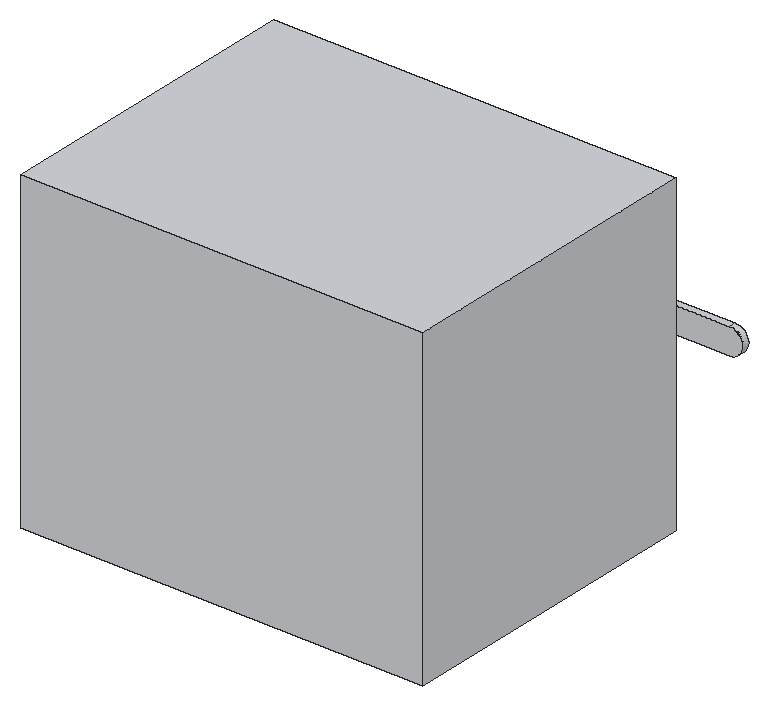
Revit family "Fire Volume Damper - Rectangular Accessory", category Duct Accessories, Revit 2025
Family settings
  Round Connector Dimension = Use Diameter
  Part Type = Damper
  OmniClass Number = 23.75.70.11.14.14
  OmniClass Title = Dampers for Air Ductwork
  Work Plane-Based = No
  Always vertical = Yes
  Cut with Voids When Loaded = No
  Shared = No
Parameters (values of type "Standard")
  Width [instance] = 12"
  Pressure Drop [instance] = 1.00 in-wg
  Height [instance] = 12"
  Default Elevation = 0"
Reference planes (in)
  plane 1 "Center (Front/Back)": y = 0
  plane 2: z = 0
  plane 3 "Center (Left/Right)": x = 0
  plane 4: x = -7.25
  plane 5: x = 8
  plane 6 "back": y = -6
  plane 7 "front": y = 6
  plane 8: y = 0
  plane 9: x = 0
Forms (in)
  Extrusion 1, solid
    sketch origin (0, 0, 0) x (0, 1, 0) y (0, 0, 1)
      loop
        line (-6, 6) -> (-6, -6) -> (6, -6) -> (6, 6) -> (-6, 6)
    from -7.25 to 8
  Sweep 2, solid
    path origin (0, 0, 0) x (1, 0, 0) y (0, 1, 0)
      loop
        line (4.25, 7.61894) -> (4.25, 4.11894)
    profile origin (4.25, 5.86894, 0) x (1, 0, 0) y (0, 0, 1)
      loop
        circle (0, 0) r 0.25
  Sweep 3, solid
    path origin (0, 0, 0) x (1, 0, 0) y (0, 1, 0)
      loop
        line (4.25, 7.61894) -> (4.25, 7.86894)
    profile origin (4.25, 7.74394, 0) x (-1, 0, 0) y (0, 0, 1)
      loop
        line (0, 0.5) -> (-4.51971, 0.5)
        arc (-4.51971, 0.5) -> (-5.01971, 0) -> (-4.51971, -0.5) r 0.5
        line (-4.51971, -0.5) -> (0, -0.5)
        arc (0, -0.5) -> (0.5, 0) -> (0, 0.5) r 0.5
Cuts and joins
  joined: Extrusion 1, Sweep 2
Lines and regions (in)
  symbolic lines
    curve 1: line (0, 6, 0) -> (0, -6, 0)
    curve 2: line (-7.25, 6, 0) -> (0, 0, 0)
    curve 3: line (-7.25, -6, 0) -> (0, 0, 0)
    curve 4: line (-7.25, 6, 0) -> (0, 3.5, 0)
    curve 5: line (-7.25, -6, 0) -> (0, -3.5, 0)
    curve 6: line (4.25, 6, 0) -> (4.25, -6, 0)
Dimensions and locks (in)
  equal spacing: Extrusion 1 sketch curve, plane 1 "Center (Front/Back)", Extrusion 1 sketch curve
  equal spacing: Extrusion 1 sketch curve, plane 2, Extrusion 1 sketch curve
  "Height": Extrusion 1 sketch curve to Extrusion 1 sketch curve
  "Width": Extrusion 1 sketch curve to Extrusion 1 sketch curve
  plane 4 to plane 5 = 15 1/4"
  plane 4 to plane 3 "Center (Left/Right)" = 7 1/4"
  plane 3 "Center (Left/Right)" to plane 5 = 8"
  equal spacing: plane 7 "front", plane 1 "Center (Front/Back)", plane 6 "back"
  "Width": plane 6 "back" to plane 7 "front"
  aligned and locked: Extrusion 1 to plane 4
  aligned and locked: Extrusion 1 to plane 5
  aligned and locked: plane 7 "front" to curve 1
  aligned and locked: plane 6 "back" to curve 1
  aligned and locked: curve 1 to plane 3 "Center (Left/Right)"
  aligned and locked: Sweep 2 sketch curve to curve 6
Automatic sketch dimensions
  curve 4 to plane 4 = 0"
  curve 3 to plane 4 = 0"
  curve 6 to plane 6 "back" = 0"
  plane 7 "front" to curve 6 = 0"
  curve 5 to plane 6 "back" = 0"
  plane 1 "Center (Front/Back)" to curve 3 = 0"
  plane 7 "front" to curve 2 = 0"
  plane 5 to curve 6 = 3 3/4"
  curve 1 to curve 5 = 2 1/2"
  curve 4 to curve 1 = 2 1/2"
  plane 7 "front" to Sweep 2 sketch curve = 1.88106"
  Sweep 2 sketch curve to plane 7 "front" = 1.61894"
  Sweep 2 sketch curve to level = 0"
  profile plane to Sweep 2 sketch curve = 0"
  Sweep 3 sketch curve to plane 7 "front" = 1.86894"
  plane 5 to Sweep 3 sketch curve = 3 3/4"
  Sweep 3 sketch curve to Sweep 3 sketch curve = 1/4"
  level to Sweep 3 sketch curve = 1/2"
  profile plane to Sweep 3 sketch curve = 4.51971"
  profile plane to Sweep 3 sketch curve = 0"
  level to Sweep 3 sketch curve = 0"
  radius of Sweep 2 sketch curve = 1/4"
Connectors (in)
  hvac at (-7.25, 0, 0), driven by "Pressure Drop", driven by "Height", driven by "Width"
    settings: on Extrusion 1, index 1, duct flow 0 CFM, flow factor 0, pres drop 1.00 in-wg, loss coef 0, conn angle 0.00°, conn width 12", conn height 12", conn diameter 24", duct sys type 29, conn prof type 1, flow config 0, flow direction 0, loss method 4, conn ref index 2, conn util no, is conn primary yes, conn desc "inlet"
  hvac at (8, 0, 0), driven by "Height", driven by "Width"
    settings: on Extrusion 1, index 2, duct flow 0 CFM, flow factor 0, pres drop 0.00 in-wg, loss coef 0, conn angle 0.00°, conn width 12", conn height 12", conn diameter 24", duct sys type 29, conn prof type 1, flow config 0, flow direction 0, loss method 4, conn ref index 1, conn util no, is conn primary no, conn desc "outlet"
